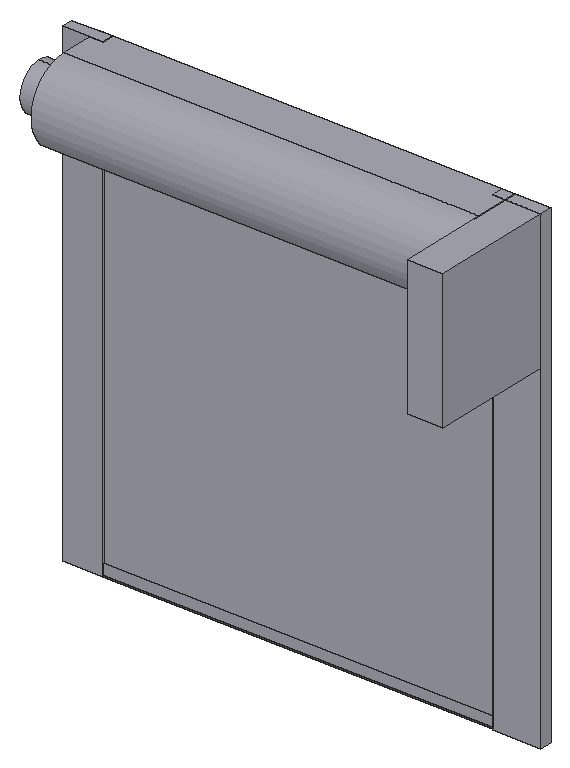
Revit family
Parameters
  setframe = 0' - 0"  # constant formula
  Y [instance] = 1' - 9"
  X [instance] = 1' - 10"
  Warranty Duration (Years) = 0
  URL = "http://www.wayne-dalton.com/commercial/Pages/default.aspx"
  Standards Conformance [instance] = "[X] PSF Windload"
  Specification = "http://www.arcat.com/sdspecs/htm04/08_33_00way.htm"
  Show Operator Mass [instance] = yes
  Send Message = "http://www.arcat.com/users.pl?action=UserEmail&company=Wayne-Dalton+Corp.&coid=36462&rep=108&fax=&mf="
  Sales Information = "http://commercial.wayne-dalton.com/contact.asp"
  Rough Width = 0' - 0"  # constant formula
  Rough Height = 0' - 0"  # constant formula
  Recycled Content [instance] = "as Specified"
  R-Value = 0
  R [instance] = 0' - 9"
  Product Properties = ""
  Product Data = "http://arcat.com/arcatcos/cos36/arc36462.html"
  Operator_Extend Past Y = 1' - 0"
  Operator_Extend Below X = 1' - 0"
  Opening Width [instance] = Clear Opening Width + (GD + L) + (GD + R)  # 9' - 9 3/4"
  Opening Height [instance] = Clear Opening Height + X  # 9' - 10"
  Offset from Wall CL Notes [instance] = "Use Positive or Negative values to locate door in wall."  # constant formula
  Offset from Wall CL [instance] = 0' - 0"
  Mount to Masonry [instance] = yes
  Model = "As Specified in 08332"
  Maximum Size = "as Specified"
  Manufacturer Website = "http://www.wayne-dalton.com/commercial/Pages/default.aspx"
  Manufacturer Phone - Toll Free = "800-827-3667"
  Manufacturer Phone = ""
  Manufacturer Fax = ""
  Manufacturer Address = "2501 S. State Highway 121 Suite 200   Lewisville, TX 75067"
  Manufacturer = "Wayne Dalton Corp."
  Maintenance Schedule (Months) = 0
  L [instance] = 0' - 7"
  Keynote = "08 33 00"
  Jamb Width_Sides = 0' - 3"
  Installation-Fabrication = ""
  Installation Phase = ""
  Include Chain Hoist = yes
  Hood Material [instance] = Metal - Wayne Dalton - Gray
  Height = 0' - 0"  # constant formula
  H [instance] = 0' - 2"
  Green Building-LEED = ""
  GD [instance] = if(not(Clear Opening Width < 20' 0"), 0' 3 1/4", if(not(Clear Opening Width < 13' 6"), 0' 2 13/16", 0' 2 7/8"))  # 0' - 2 7/8"
  Function = (empty or 0)
  Frame Material [instance] = Metal - Steel
  Frame Finish [instance] = Metal - Wayne Dalton - Gray
  Fire Rating = "As Specified"
  Expected Lifespan (Years) = 0
  Drawn By = "Sumex Design, Inc. / Robert S. Weygant, CSI, CDT, SCIP"
  Description = "Wayne-Dalton Coiling Counter Door as Specified"
  Wall Closure = (empty or 0)
  Width = 0' - 0"  # constant formula
  Curtain Finish [instance] = Metal - Wayne Dalton - Gray 3in Slats
  Copyright = "©Arcat Inc."
  Construction Details = ""
  Clear Opening Width [instance] = 8' - 0"
  Clear Opening Height [instance] = 8' - 0"
  Bottom Seal Color [instance] = Plastic - Black
  Bottom Bar Height [instance] = 0' - 3"
  Available LEED Credit [instance] = "as Specified"
  Assembly Code = "B2030400"
  Approx Frame Depth [instance] = H + 0' 0 7/8"  # 0' - 2 7/8"
Reference planes (in)
  plane 1 "Center (Front/Back)": y = 1.6426
  plane 2: z = 118
  plane 3 "Center (Left/Right)": x = -0.5
  plane 4 "Left": x = -59.375
  plane 5 "Right": x = 58.375
  plane 6 "Bottom": z = 0
  plane 7 "Wall Int": y = -4.3574
  plane 8 "Wall Ext": y = 7.6426
Forms (in)
  Extrusion 1, void
    sketch origin (0, 1.6426, 0) x (1, 0, 0) y (0, 0, 1)
      loop
        line (-59.375, 118) -> (-59.375, 0) -> (58.375, 0) -> (58.375, 118) -> (-59.375, 118)
    from -6 to 6
  Extrusion 2, void
    sketch origin (0, 1.6426, 0) x (1, 0, 0) y (0, 0, 1)
      loop
        line (3, 0) -> (3, 3) -> (-4, 3) -> (-4, 0) -> (3, 0)
    from 0 <- "Offset from Wall CL" to 12.03125
Text (in)
  text "EXTERIOR" at (-58.6888, 13.80127, 0), in view "Plan"
  text "INTERIOR" at (-58.6888, -8.43329, 0), in view "Plan"
  text "Exterior" at (0, 43.65631, 123.19604), in view "Left"
  text "Exterior" at (0, 18.29385, 125.04747), in view "Right"
Dimensions and locks (in)
  equal spacing: plane 4 "Left", plane 3 "Center (Left/Right)", plane 5 "Right"
  "Opening Width": plane 4 "Left" to plane 5 "Right"
  "Opening Height": plane 2 to level
  aligned and locked: host wall to plane 1 "Center (Front/Back)"
  aligned and locked: plane 7 "Wall Int" to host wall
  aligned and locked: host wall to plane 8 "Wall Ext"
  aligned and locked: Extrusion 1 sketch curve to plane 2
  aligned and locked: Extrusion 1 sketch curve to plane 4 "Left"
  aligned and locked: Extrusion 1 sketch curve to plane 6 "Bottom"
  aligned and locked: plane 5 "Right" to Extrusion 1 sketch curve
  aligned and locked: plane 8 "Wall Ext" to Extrusion 1
  aligned and locked: Extrusion 1 to plane 7 "Wall Int"
  aligned and locked: nested 1 to plane 4 "Left"
  aligned and locked: nested 1 to Extrusion 2
Automatic sketch dimensions
  plane 3 "Center (Left/Right)" to Extrusion 2 sketch curve = 0' - 3 1/2"
  Extrusion 2 sketch curve to level = 0' - 0"
  Extrusion 2 sketch curve to plane 3 "Center (Left/Right)" = 0' - 3 1/2"
  level to Extrusion 2 sketch curve = 0' - 3"
Nested families (in)
  nested 1: "700BtwnJamb" at (-1.5, 1.6426, 0), Mount to Masonry <- "Mount to Masonry", Include Chain Hoist <- "Include Chain Hoist", Frame Finish <- "Frame Finish", Curtain Finish <- "Curtain Finish", Bottom Seal Finish <- "Bottom Seal Color", clear opening width <- "Clear Opening Width", clear opening height <- "Clear Opening Height", Y <- "Y", X <- "X", H <- "H", GD <- "GD", Bottom Bar Height <- "Bottom Bar Height", R <- "R", L <- "L", Offset from Wall <- "setframe", Show Operator Mass <- "Show Operator Mass", Hood Finish <- "Hood Material", extendpastY <- "Operator_Extend Past Y", extendbelowX <- "Operator_Extend Below X", type "700BtwnJamb"
    with extendpastY 1' - 0", extendbelowX 1' - 0", clear opening width 8' - 0", clear opening height 8' - 0", Y 1' - 9", Xalt 1' - 8", X 1' - 10", Show Operator Mass yes, R 0' - 9", Offset from Wall 0' - 0", Mount to Masonry yes, L 0' - 7", Include Chain Hoist yes, Hood Finish Metal - Wayne Dalton - Gray, H 0' - 2", GD 0' - 2 7/8", Frame Finish Metal - Wayne Dalton - Gray, Curtain Finish Metal - Wayne Dalton - Gray 3in Slats, Bottom Seal Finish Plastic - Black, Bottom Bar Height 0' - 3"
Definition of nested family "700BtwnJamb"
  Parameters (values of type "800BtwnJamb")
    extendpastY [instance] = 1' - 0"
    extendbelowX [instance] = 1' - 0"
    clear opening width [instance] = 6' - 0"
    clear opening height [instance] = 6' - 9.17662"
    Y [instance] = 1' - 10"
    Xalt [instance] = X - 0' 2"  # 1' - 8"
    X [instance] = 1' - 10"
    Show Operator Mass [instance] = yes
    R [instance] = 0' - 2 11/16"
    Offset from Wall [instance] = 0' - 1"
    Mount to Masonry [instance] = yes
    L [instance] = 0' - 2 11/16"
    Include Chain Hoist [instance] = yes
    Hood Finish [instance] = none
    H [instance] = 0' - 3"
    GD [instance] = 0' - 2 3/4"
    Frame Finish [instance] = none
    Curtain Finish [instance] = none
    Bottom Seal Finish [instance] = none
    Bottom Bar Height [instance] = 0' - 4.08698"
    Assembly Code = ""
  Reference planes (in)
    plane 1 "Center (Front/Back)": y = 0
    plane 2: z = 0
    plane 3 "Center (Left/Right)": x = 0
    plane 4: x = -36
    plane 5: x = 36
    plane 6: x = -38.75
    plane 7: x = 38.75
    plane 8: x = -41.4375
    plane 9: x = 41.4375
    plane 10: y = -4
    plane 11: y = -4.875
    plane 12: y = -1
    plane 13: z = 81.17662
    plane 14: z = 83.17662
    plane 15: z = 103.17662
    plane 16: y = -23
    plane 17: x = -39
    plane 18: x = 39
    plane 19: z = 93.17662
    plane 20: z = 4.08698
  Forms (in)
    Extrusion 1, solid, material <- "Frame Finish"
      sketch origin (0, 0, 0) x (1, 0, 0) y (0, 1, 0)
        loop
          line (-36, -1) -> (-41.4375, -1) -> (-41.4375, -4.875) -> (-36, -4.875) -> (-36, -1)
        loop
          line (36, -1) -> (36, -4.875) -> (41.4375, -4.875) -> (41.4375, -1) -> (36, -1)
      from 0 to 103.17662
    Extrusion 2, solid, material <- "Hood Finish"
      sketch origin (0, -7.63151, 0) x (0, -1, 0) y (0, 0, -1)
        loop
          line (-6.63151, -81.17662) -> (-6.63151, -103.17662) -> (5.36849, -103.17662)
          arc (5.36849, -103.17662) -> (15.36849, -93.17662) -> (5.36849, -83.17662) r 10
          line (5.36849, -83.17662) -> (0.86849, -83.17662) -> (0.86849, -81.17662) -> (-6.63151, -81.17662)
      from -39 to 39
    Extrusion 3, solid, material <- "Curtain Finish"
      sketch origin (-49.98362, -4.875, 48) x (-1, 0, 0) y (0, 0, 1)
        loop
          line (-13.98362, 33.17662) -> (-85.98362, 33.17662) -> (-85.98362, -48) -> (-13.98362, -48) -> (-13.98362, 33.17662)
      from 0.125 to 1
    Extrusion 4, solid, material <- "Frame Finish"
      sketch origin (-39, -180, 12) x (0, 0, -1) y (0, -1, 0)
        loop
          circle (-81.17662, -167.8155) r 5.8095
      from 0 to 2.4375
    Extrusion 5, solid, material <- "Frame Finish"
      sketch origin (0, 0, 0) x (0, 1, 0) y (0, 0, 1)
        loop
          line (-3.82789, 0) -> (-3.82789, 0.5) -> (-3.73182, 0.5) -> (-3.73182, 4.08698) -> (-4.875, 4.08698) -> (-4.875, 0.5) -> (-4.78423, 0.5) -> (-4.78423, 0) -> (-3.82789, 0)
      from -36 to 36
    Extrusion 6, solid, material <- "Frame Finish", visible <- "Show Operator Mass"
      sketch origin (0, 0, 0) x (0, 1, 0) y (0, 0, 1)
        loop
          line (-35, 103.17662) -> (-35, 69.17662) -> (-1, 69.17662) -> (-1, 103.17662) -> (-35, 103.17662)
      from 39 to 41.4375
  Dimensions and locks (in)
    equal spacing: plane 4, plane 3 "Center (Left/Right)", plane 5
    "clear opening width": plane 4 to plane 5
    "L": plane 8 to plane 6
    "R": plane 7 to plane 9
    locked: plane 10 to plane 11 at 0.875
    "Offset from Wall": plane 12 to plane 1 "Center (Front/Back)"
    "H": plane 12 to plane 10
    locked: plane 14 to plane 13 at 2
    "X": plane 15 to plane 13
    "Xalt": Extrusion 2 sketch curve to Extrusion 2 sketch curve
    "Y": plane 16 to plane 12
    locked: plane 16 to Extrusion 2 sketch curve at 0
    locked: Extrusion 2 sketch curve to plane 12 at 7.5
    locked: plane 6 to plane 17 at 0.25
    locked: plane 18 to plane 7 at 0.25
    equal spacing: plane 15, Extrusion 4 sketch curve, plane 14
    locked: plane 16 to Extrusion 4 sketch curve at 10.8155
    equal spacing: plane 15, plane 19, plane 14
    "Bottom Bar Height": plane 20 to level
    locked: Extrusion 5 sketch curve to level at 0.5
    plane 11 to Extrusion 5 sketch curve to Extrusion 5 sketch curve to Extrusion 5 sketch curve to Extrusion 5 sketch curve = 0' - 0" locked, 0' - 0.09077" locked, 0' - 0.95633" locked, 0' - 0.09608" locked
    "GD": plane 6 to plane 4
    "GD": plane 5 to plane 7
    "clear opening height": plane 13 to level
    "extendbelowX": plane 13 to Extrusion 6 sketch curve
    "extendpastY": Extrusion 6 sketch curve to plane 16
    aligned and locked: plane 2 to level
    aligned and locked: plane 12 to Extrusion 1 sketch curve
    aligned and locked: Extrusion 1 sketch curve to plane 11  (x2)
    aligned and locked: Extrusion 1 sketch curve to plane 12
    aligned and locked: Extrusion 2 sketch curve to plane 15
    aligned and locked: Extrusion 2 sketch curve to plane 12
    aligned and locked: Extrusion 2 to plane 17
    aligned and locked: Extrusion 2 to plane 18
    aligned: plane 13 to Extrusion 1
    aligned and locked: Extrusion 3 sketch curve to plane 13
    aligned and locked: Extrusion 5 sketch curve to Extrusion 5 sketch curve
    aligned and locked: plane 20 to Extrusion 5 sketch curve
    aligned and locked: plane 14 to Extrusion 2 sketch curve
    aligned and locked: plane 5 to Extrusion 3
    aligned and locked: plane 5 to Extrusion 5
    aligned and locked: Extrusion 1 to plane 5
    aligned and locked: Extrusion 3 to plane 4
    aligned and locked: Extrusion 5 to plane 4
    aligned and locked: plane 4 to Extrusion 1
    aligned and locked: Extrusion 1 sketch curve to plane 9
    aligned and locked: Extrusion 1 sketch curve to plane 8
    aligned and locked: plane 15 to Extrusion 1
    aligned and locked: Extrusion 4 to plane 8
    aligned and locked: Extrusion 6 sketch curve to plane 12
    aligned and locked: Extrusion 6 sketch curve to plane 15
    aligned and locked: plane 9 to Extrusion 6
    aligned and locked: Extrusion 6 to plane 18
  Automatic sketch dimensions
    Extrusion 2 sketch curve to plane 13 = 0' - 0"
    Extrusion 3 sketch curve to level = 0' - 0"
    Extrusion 5 sketch curve to level = 0' - 0"
    plane 5 to Extrusion 3 sketch curve = 0' - 0"
    Extrusion 3 sketch curve to plane 4 = 0' - 0"
    Extrusion 1 sketch curve to plane 4 = 0' - 0"
    Extrusion 1 sketch curve to plane 5 = 0' - 0"
    radius of Extrusion 4 sketch curve = 0' - 5.8095"
